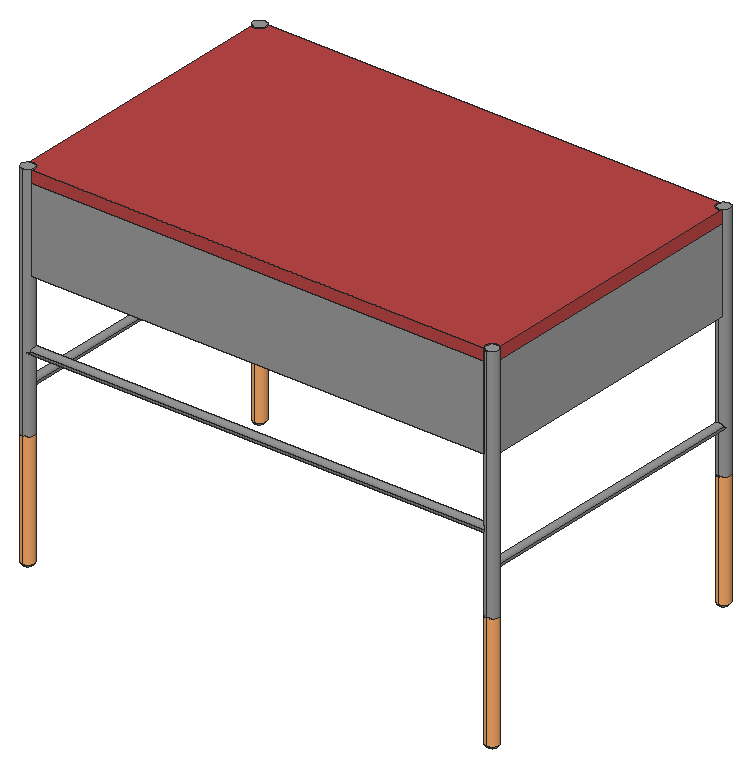
Revit family "Era comodino", category Arredi, Revit 2017
Family settings
  Numero OmniClass = 23.40.20.00
  Titolo OmniClass = General Furniture and Specialties
  Basato su piano di lavoro = No
  Sempre verticale = Sì
  Taglio con vuoti quando caricato = No
  Condiviso = No
  Punto di calcolo locali = No
Parameters
  URL = "http://www.livingdivani.it"
  Modello = "Era comodino"
  Mat. Gambe = Oro
  Mat. Tessuto = Lino - Beige
  Mat. Struttura = Acciaio - Lucido
  Produttore = "LivingDivani"
  Mat. Piano = Marmo
  Codice Prodotto = "ERAV060C"
Reference planes (cm)
  plane 1 "Centro (Fronte/Retro)": y = 0
  plane 2: z = 0
  plane 3 "Centro (Sinistra/Destra)": x = 0
  plane 4 "diagonale": through (426.72, 29, 68) normal (0, 0.0613, -0.9981)
  plane 5: y = 19
  plane 6: y = -19
  plane 7: x = -30
  plane 8: x = 30
  plane 9: z = 0.4
  plane 10: y = 18.2
  plane 11: x = -29.2
  plane 12: x = 29.2
  plane 13: y = -18.2
  plane 14: z = 44.9
  plane 15: z = 14.845
  plane 16: z = 43.4
  plane 17: z = 24.4
  plane 18: z = 20.4
  plane 19: z = 32.9
Forms (cm)
  Extrusion 1, solid, material "Oro" <- "Mat. Gambe"
    sketch origin (0, 0, 39.5) x (0, -1, 0) y (1, 0, 0)
      loop
        circle (-18.2, -29.2) r 0.8
    from -39.1 to -24.655
  Extrusion 2, solid, material "Oro" <- "Mat. Gambe"
    sketch origin (0, 0, 39.5) x (0, 1, 0) y (-1, 0, 0)
      loop
        circle (18.2, -29.2) r 0.8
    from -39.1 to -24.655
  Extrusion 3, solid, material "Oro" <- "Mat. Gambe"
    sketch origin (0, 0, 39.5) x (0, -1, 0) y (1, 0, 0)
      loop
        circle (18.2, -29.2) r 0.8
    from -39.1 to -24.655
  Extrusion 4, solid, material "Oro" <- "Mat. Gambe"
    sketch origin (0, 0, 39.5) x (0, 1, 0) y (-1, 0, 0)
      loop
        circle (-18.2, -29.2) r 0.8
    from -39.1 to -24.655
  Extrusion 5, solid, material "Acciaio - Lucido" <- "Mat. Struttura"
    sketch origin (0, 0, 39.5) x (0, -1, 0) y (1, 0, 0)
      loop
        circle (-18.2, -29.2) r 0.8
    from -24.655 to 5.4
  Extrusion 6, solid, material "Acciaio - Lucido" <- "Mat. Struttura"
    sketch origin (0, 0, 39.5) x (0, 1, 0) y (-1, 0, 0)
      loop
        circle (18.2, -29.2) r 0.8
    from -24.655 to 5.4
  Extrusion 7, solid, material "Acciaio - Lucido" <- "Mat. Struttura"
    sketch origin (0, 0, 39.5) x (0, 1, 0) y (-1, 0, 0)
      loop
        circle (-18.2, -29.2) r 0.8
    from -24.655 to 5.4
  Extrusion 8, solid, material "Acciaio - Lucido" <- "Mat. Struttura"
    sketch origin (0, 0, 39.5) x (0, -1, 0) y (1, 0, 0)
      loop
        circle (18.2, -29.2) r 0.8
    from -24.655 to 5.4
  Extrusion 9, solid, material "Marmo" <- "Mat. Piano"
    sketch origin (0, 0, 39.5) x (0, -1, 0) y (1, 0, 0)
      loop
        line (18.6, -28.4785) -> (18.6, 28.4785)
        arc (18.6, 28.4785) -> (17.6166, 28.6166) -> (17.4785, 29.6) r 0.825
        line (17.4785, 29.6) -> (-17.4785, 29.6)
        arc (-17.4785, 29.6) -> (-17.6166, 28.6166) -> (-18.6, 28.4785) r 0.825
        line (-18.6, 28.4785) -> (-18.6, -28.4785)
        arc (-18.6, -28.4785) -> (-17.6166, -28.6166) -> (-17.4785, -29.6) r 0.825
        line (-17.4785, -29.6) -> (17.4785, -29.6)
        arc (17.4785, -29.6) -> (17.6166, -28.6166) -> (18.6, -28.4785) r 0.825
    from 3.9 to 5.4
  Extrusion 10, solid, material "Acciaio - Lucido" <- "Mat. Struttura"
    sketch origin (0, 0, 0) x (1, 0, 0) y (0, 0, 1)
      loop
        circle (-29.2, 20.4) r 0.5
    from -18.2 to 18.2
  Extrusion 11, solid, material "Acciaio - Lucido" <- "Mat. Struttura"
    sketch origin (0, 0, 0) x (-1, 0, 0) y (0, 0, -1)
      loop
        circle (-29.2, -20.4) r 0.5
    from -18.2 to 18.2
  Extrusion 12, solid, material "Acciaio - Lucido" <- "Mat. Struttura"
    sketch origin (0, 0, 0) x (0, 1, 0) y (0, 0, 1)
      loop
        circle (-18.2, 24.4) r 0.5
    from -29.2 to 29.2
  Extrusion 13, solid, material "Acciaio - Lucido" <- "Mat. Struttura"
    sketch origin (0, 0, 32.5) x (0, -1, 0) y (1, 0, 0)
      loop
        line (18.6, -28.4785) -> (18.6, 28.4785)
        arc (18.6, 28.4785) -> (17.6166, 28.6166) -> (17.4785, 29.6) r 0.825
        line (17.4785, 29.6) -> (-17.4785, 29.6)
        arc (-17.4785, 29.6) -> (-17.6166, 28.6166) -> (-18.6, 28.4785) r 0.825
        line (-18.6, 28.4785) -> (-18.6, -28.4785)
        arc (-18.6, -28.4785) -> (-17.6166, -28.6166) -> (-17.4785, -29.6) r 0.825
        line (-17.4785, -29.6) -> (17.4785, -29.6)
        arc (17.4785, -29.6) -> (17.6166, -28.6166) -> (18.6, -28.4785) r 0.825
    from 0.4 to 11
Dimensions and locks (cm)
  equal spacing: plane 5, plane 1 "Centro (Fronte/Retro)", plane 6
  plane 5 to plane 6 = 38 cm
  equal spacing: plane 7, plane 3 "Centro (Sinistra/Destra)", plane 8
  plane 7 to plane 8 = 60 cm
  aligned and locked: level to plane 2
  aligned and locked: nested 1 to plane 10
  aligned and locked: plane 11 to nested 1
  aligned and locked: plane 13 to nested 2
  aligned and locked: plane 11 to nested 2
  aligned and locked: nested 4 to plane 12
  aligned and locked: nested 4 to plane 10
  aligned and locked: plane 13 to nested 3
  aligned and locked: nested 3 to plane 12
  aligned and locked: plane 9 to Extrusion 1
  aligned and locked: plane 15 to Extrusion 1
  aligned and locked: Extrusion 5 to plane 15
  aligned and locked: Extrusion 5 to plane 14
  aligned and locked: plane 16 to Extrusion 9
  aligned and locked: Extrusion 9 to plane 14
  aligned and locked: plane 10 to Extrusion 10
  aligned and locked: plane 13 to Extrusion 10
  aligned and locked: Extrusion 12 to plane 11
  aligned and locked: Extrusion 12 to plane 12
Automatic sketch dimensions
  Extrusion 1 sketch curve to plane 10 = 0 cm
  Extrusion 1 sketch curve to plane 11 = 0 cm
  Extrusion 2 sketch curve to plane 10 = 0 cm
  Extrusion 2 sketch curve to plane 12 = 0 cm
  Extrusion 3 sketch curve to plane 11 = 0 cm
  plane 13 to Extrusion 3 sketch curve = 0 cm
  Extrusion 4 sketch curve to plane 12 = 0 cm
  plane 13 to Extrusion 4 sketch curve = 0 cm
  Extrusion 5 sketch curve to Extrusion 5 sketch curve = 0 cm  (x2)
  Extrusion 5 sketch curve to plane 5 = 0 cm
  Extrusion 5 sketch curve to plane 10 = 0 cm
  Extrusion 5 sketch curve to plane 11 = 0 cm
  Extrusion 6 sketch curve to Extrusion 6 sketch curve = 0 cm  (x2)
  Extrusion 6 sketch curve to plane 12 = 0 cm
  Extrusion 6 sketch curve to plane 10 = 0 cm
  Extrusion 6 sketch curve to plane 5 = 0 cm
  Extrusion 7 sketch curve to Extrusion 7 sketch curve = 0 cm  (x2)
  Extrusion 7 sketch curve to plane 6 = 0 cm
  Extrusion 7 sketch curve to plane 12 = 0 cm
  plane 13 to Extrusion 7 sketch curve = 0 cm
  Extrusion 8 sketch curve to Extrusion 8 sketch curve = 0 cm  (x2)
  Extrusion 8 sketch curve to plane 11 = 0 cm
  plane 13 to Extrusion 8 sketch curve = 0 cm
  Extrusion 8 sketch curve to plane 6 = 0 cm
  Extrusion 9 sketch curve to plane 10 = 0 cm  (x2)
  Extrusion 9 sketch curve to plane 12 = 0 cm  (x2)
  plane 13 to Extrusion 9 sketch curve = 0 cm  (x2)
  Extrusion 9 sketch curve to plane 11 = 0 cm  (x2)
  Extrusion 9 sketch curve to plane 5 = 0.4 cm
  Extrusion 9 sketch curve to plane 10 = 0.7215 cm  (x2)
  Extrusion 9 sketch curve to plane 13 = 0.7215 cm  (x2)
  plane 8 to Extrusion 9 sketch curve = 0.4 cm
  plane 6 to Extrusion 9 sketch curve = 0.4 cm
  plane 7 to Extrusion 9 sketch curve = 0.4 cm
  Extrusion 10 sketch curve to plane 11 = 0 cm
  Extrusion 10 sketch curve to plane 18 = 0 cm
  plane 12 to Extrusion 11 sketch curve = 0 cm
  Extrusion 11 sketch curve to plane 18 = 0 cm
  Extrusion 12 sketch curve to plane 13 = 0 cm
  plane 17 to Extrusion 12 sketch curve = 0 cm
  Extrusion 13 sketch curve to plane 10 = 0 cm  (x2)
  Extrusion 13 sketch curve to plane 12 = 0 cm  (x2)
  plane 13 to Extrusion 13 sketch curve = 0 cm  (x2)
  Extrusion 13 sketch curve to plane 11 = 0 cm  (x2)
  Extrusion 13 sketch curve to plane 5 = 0.4 cm
  Extrusion 13 sketch curve to plane 10 = 0.7215 cm  (x2)
  Extrusion 13 sketch curve to plane 13 = 0.7215 cm  (x2)
  plane 8 to Extrusion 13 sketch curve = 0.4 cm
  plane 6 to Extrusion 13 sketch curve = 0.4 cm
  plane 7 to Extrusion 13 sketch curve = 0.4 cm
  radius of Extrusion 1 sketch curve = 0.8 cm
  radius of Extrusion 2 sketch curve = 0.8 cm
  radius of Extrusion 3 sketch curve = 0.8 cm
  radius of Extrusion 4 sketch curve = 0.8 cm
  radius of Extrusion 10 sketch curve = 0.5 cm
  radius of Extrusion 11 sketch curve = 0.5 cm
  radius of Extrusion 12 sketch curve = 0.5 cm
Nested families (cm)
  nested 1: "piedino Era" at (-29.2, 18.2, 0), type "piedino Era"
  nested 2: "piedino Era" at (-29.2, -18.2, 0), type "piedino Era"
  nested 3: "piedino Era" at (29.2, -18.2, 0), type "piedino Era"
  nested 4: "piedino Era" at (29.2, 18.2, 0), type "piedino Era"
Definition of nested family "piedino Era"
  Parameters (values of type "piedino Era")
    Mat. Struttura = none
  Reference planes (cm)
    plane 1 "Centro (Fronte/Retro)": y = 0
    plane 2: z = 0
    plane 3 "Centro (Sinistra/Destra)": x = 0
  Forms (cm)
    Revolve 1, solid, material <- "Mat. Struttura"
      sketch origin (-60.9997, 0, 0) x (1, 0, 0) y (0, 0, 1)
        loop
          line (60.6997, 0) -> (60.9997, 0) -> (60.9997, 0.4) -> (60.3533, 0.4)
          arc (60.3533, 0.4) -> (60.3155, 0.3827) -> (60.3038, 0.3429) r 0.05
          arc (60.3038, 0.3429) -> (60.4379, 0.0976) -> (60.6997, 0) r 0.4
        axis (60.9997, 0) -> (60.9997, 0.4)
      angle from 0 to 360
  Dimensions and locks (cm)
    aligned and locked: level to plane 2
